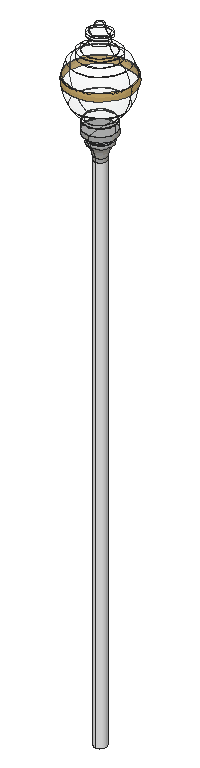
Revit family "AE21", category Lighting Fixtures, Revit 2014
Parameters (values of type "2A24-F13")
  Wattage Comments = "65 W"  # constant formula
  Wattage = 9.2903 W
  built-in parameter 1150110 = 1 (stored number, unit not read)
  Voltage = 120 V
  URL = "https://www.hubbell.com/hubbelllightingci/en"
  Type Comments = "Lighting Fixture"  # constant formula
  built-in parameter 1114217 = 1 (stored number, unit not read)
  Tilt Angle = 60.00°
  built-in parameter 1150109 = 1 (stored number, unit not read)
  built-in parameter 1150134 = 3
  built-in parameter 1150113 = 1 (stored number, unit not read)
  Style [instance] = Fixture : BB
  Series = "Acorns"  # constant formula
  Revision Date = "08/29/2019"  # constant formula
  Product Page URL = "https://www.hubbell.com/hubbelllightingci/en/Products/Lighting-Controls/Commercial-Outdoor-Lighting/Decorative-Post-Top/Acorns/p/249031"
  Product Documentation Link = "https://hubbellcdn.com/specsheet/Acorns_spec_sheet_redesign.pdf"
  Power Factor = 1  # constant formula
  Pole Height = Mount Height - 15 1/8"  # 134 7/8"
  Pole Finish = Metal-Lighting-Aluminum Alloy
  Photometric Web File = "generic"
  Photometric Notes = "More IES files download on Photometric Web Link"  # constant formula
  OmniClass Title = "Street and Roadway Lighting"  # constant formula
  OmniClass Number = "23-80 70 14 21"  # constant formula
  Number of Poles = 1
  built-in parameter 1150142 = (empty or 0)
  Model = "Acorns"
  MasterFormat Title = "Parking Lighting, Roadway Lighting, Site Lighting"  # constant formula
  Manufacturer = "Beacon"  # constant formula
  built-in parameter 1150105 = 109.82 (stored number, unit not read)
  Lumens = 1380 lm
  built-in parameter 1150115 = 1 (stored number, unit not read)
  Load Classification = Lighting
  built-in parameter 1150137 = (empty or 0)
  built-in parameter 1150139 = (empty or 0)
  built-in parameter 1150112 = 1 (stored number, unit not read)
  built-in parameter 1150114 = 1 (stored number, unit not read)
  Lamp = "LED Array"  # constant formula
  Inside Material = Metal-Kim Lighting-Aluminum-Reflective
  built-in parameter 1150132 = (empty or 0)
  built-in parameter 1150102 = (empty or 0)
  built-in parameter 1150107 = 3200 (stored number, unit not read)
  built-in parameter 1150138 = (empty or 0)
  built-in parameter 1150106 = 1.0982 (stored number, unit not read)
  Housing Material = Metal-Kim Lighting-Aluminum Alloy
  Mount Height = 150"
  Glass Material = Glass-Kim Lighting-Clear
  Fitter = Base : F13
  Finish = "All colors shall be a Super TGIC powder coat paint. Optional white (WH) and custom colors available."
  Emit from Circle Diameter = 24"
  Emit Shape Visible in Rendering = no
  built-in parameter 1150104 = 13.8 (stored number, unit not read)
  Dimming Lamp Color Temperature Shift = <None>
  Description = "Site/Roadway Luminaire"  # constant formula
  Color Filter = 16777215
  Base of Fixture = 7 1/2"
  Base Height = Mount Height - Base of Fixture  # 142 1/2"
  built-in parameter 1114218 = 1 (stored number, unit not read)
  built-in parameter 1150133 = 10 (stored number, unit not read)
  Assembly Code = "D5020200"
  Apparent Load = 65 VA
Types (6): name | Style | Pole Height | Pole Finish | Mount Height | Fitter | Base of Fixture | Base Height
  (no name) | Fixture : BB | 134 7/8" | Metal-Lighting-Aluminum Alloy | 150" | Base : F13 | 7 1/2" | 142 1/2"
  2A24-H1 | Fixture : FIN | 176 7/8" | Metal-Kim Lighting-Aluminum Alloy | 192" | Base : H1 | 10" | 182"
  2A24-H2 | Fixture : FIN | 176 7/8" | Metal-Kim Lighting-Aluminum Alloy | 192" | Base : H2 | 14" | 178"
  2A24-H3 | Fixture : FIN | 176 7/8" | Metal-Kim Lighting-Aluminum Alloy | 192" | Base : H3 | 10" | 182"
  2A24-F13 | Fixture : BB | 134 7/8" | Metal-Lighting-Aluminum Alloy | 150" | Base : F13 | 7 1/2" | 142 1/2"
  2A24-F21 | Fixture : FIN | 176 7/8" | Metal-Kim Lighting-Aluminum Alloy | 192" | Base : F21 | 12" | 180"
Reference planes (in)
  plane 1 "Center (Front/Back)": y = 0
  plane 2: z = 0
  plane 3 "Center (Left/Right)": x = -1.40174
  plane 4: z = 210.875
  plane 5: x = -9.70252
  plane 6: x = 6.89904
  plane 7: z = 150
  plane 8: z = 142.5
Forms (in)
  Revolve 1, solid, material "Glass-Kim Lighting-Clear" <- "Glass Material", not visible
    sketch origin (-3.5, 0, -1) x (1, 0, 0) y (0, 0, 1)
      loop
        line (-0.97818, 216.8437) -> (-0.97818, 190.8437) -> (3.15753, 190.8437) -> (3.15753, 192.8437) -> (2.90753, 192.8437) -> (2.68816, 193.44641)
        arc (2.68816, 193.44641) -> (4.39237, 194.97743) -> (5.77182, 196.8065) r 11.90634
        arc (5.77182, 196.8065) -> (7.3518, 201.9309) -> (6.27383, 207.18388) r 10.80619
        arc (6.27383, 207.18388) -> (5.37519, 207.87738) -> (4.32528, 208.30888) r 4.25913
        line (4.32528, 208.30888) -> (4.32528, 209.80888) -> (3.08575, 209.80888)
        arc (3.08575, 209.80888) -> (2.16643, 210.77138) -> (1.54916, 211.95057) r 4.7655
        arc (1.54916, 211.95057) -> (1.41438, 212.93078) -> (2.1477, 213.59503) r 1.05972
        line (2.1477, 213.59503) -> (2.1477, 214.34503) -> (1.3977, 214.34503)
        arc (1.3977, 214.34503) -> (0.66258, 215.05107) -> (0.25054, 215.98334) r 2.63401
        arc (0.25054, 215.98334) -> (-0.19734, 216.65127) -> (-0.97818, 216.8437) r 1.11414
      axis (-0.97818, 190.8437) -> (-0.97818, 216.8437)
    angle from 0 to 360
  Extrusion 2, solid, material "Metal-Lighting-Aluminum Alloy" <- "Pole Finish"
    sketch origin (4.8439, 0, 185.1894) x (0, 1, 0) y (-1, 0, 0)
      loop
        circle (0, 6.24564) r 1.5
    from -185.1894 to -42.6894
Dimensions and locks (in)
  "Mount Height": plane 7 to plane 2
  "Base Height": plane 8 to plane 2
  aligned and locked: plane 1 "Center (Front/Back)" to nested 1
  aligned and locked: Extrusion 2 to plane 2
  aligned and locked: plane 8 to Extrusion 2
  aligned and locked: plane 3 "Center (Left/Right)" to nested 2
  aligned and locked: nested 2 to plane 1 "Center (Front/Back)"
  aligned and locked: plane 7 to imposter light
  aligned and locked: plane 7 to nested 1
Automatic sketch dimensions
  plane 1 "Center (Front/Back)" to Extrusion 2 sketch curve = 0"
  Extrusion 2 sketch curve to plane 3 "Center (Left/Right)" = 0"
  radius of Extrusion 2 sketch curve = 1 1/2"
Nested families (in)
  nested 1: "Fixture" at (-1.40174, 0, 150), type <- "Style", type "BB"
  nested 2: "Base" at (-1.36175, -0.00649, 142.5) x (0, 1, 0) z (0, 0, 1), type <- "Fitter", type "F13"
    with Finish Paint - Hubbell - White Texture
Connectors (in)
  electrical at (-1.40174, 0, 0)
    settings: on Extrusion 2, index 1, voltage 120 V, apparent load 65 VA, apparent load phase1 65 VA, apparent load phase2 0 VA, apparent load phase3 0 VA, power factor 1, load classification "Other", number of poles 1, system type 30, power factor state 1, is connector primary yes, connector utility no, sub classification motor no, connector description "Lighting Connector"
Definition of nested family "Fixture"
  Parameters (values of type "FIN")
    H1-Vertical = yes
    H1 = yes
    Glass Material = Glass-Kim Lighting-Clear
    Finish = Metal-Hubbell-Galvanized_Steel
    Brass = none
    BB = no
  Types (3): name | H1-Vertical | H1 | Brass | BB
    FIN | yes | yes | none | no
    BB | no | no | Metal-Hubbell-Brass | yes
    Family1 | yes | yes | none | no
  Reference planes (in)
    plane 1 "Center (Front/Back)": y = 0
    plane 2: z = 0
    plane 3 "Center (Left/Right)": x = 0
  Forms (in)
    Revolve 1, solid, material "Glass-Kim Lighting-Clear" <- "Glass Material"
      sketch origin (0.97818, 0, -190.8437) x (1, 0, 0) y (0, 0, 1)
        loop
          line (-0.97818, 216.8437) -> (-0.97818, 190.8437) -> (3.15753, 190.8437) -> (3.15753, 192.8437) -> (2.90753, 192.8437) -> (2.68816, 193.44641)
          arc (2.68816, 193.44641) -> (4.39237, 194.97743) -> (5.77182, 196.8065) r 11.90634
          arc (5.77182, 196.8065) -> (7.3518, 201.9309) -> (6.27383, 207.18388) r 10.80619
          arc (6.27383, 207.18388) -> (5.37519, 207.87738) -> (4.32528, 208.30888) r 4.25913
          line (4.32528, 208.30888) -> (4.32528, 209.80888) -> (3.08575, 209.80888)
          arc (3.08575, 209.80888) -> (2.16643, 210.77138) -> (1.54916, 211.95057) r 4.7655
          arc (1.54916, 211.95057) -> (1.41438, 212.93078) -> (2.1477, 213.59503) r 1.05972
          line (2.1477, 213.59503) -> (2.1477, 214.34503) -> (1.3977, 214.34503)
          arc (1.3977, 214.34503) -> (0.66258, 215.05107) -> (0.25054, 215.98334) r 2.63401
          arc (0.25054, 215.98334) -> (-0.19734, 216.65127) -> (-0.97818, 216.8437) r 1.11414
        axis (-0.97818, 190.8437) -> (-0.97818, 216.8437)
      angle from 0 to 360
    Revolve 2, solid, material "Metal-Hubbell-Galvanized_Steel" <- "Finish", visible <- "H1"
      sketch origin (0, 0, 0) x (1, 0, 0) y (0, 0, 1)
        loop
          arc (7.94246, 14.08387) -> (8.31008, 12.35935) -> (8.2475, 10.59719) r 7.19971
          line (8.2475, 10.59719) -> (8.41587, 10.59719)
          arc (8.41587, 10.59719) -> (8.47743, 12.35906) -> (8.11272, 14.08387) r 7.26351
          line (8.11272, 14.08387) -> (7.94246, 14.08387)
        axis (0, 14.08387) -> (0, 10.59719)
      angle from 0 to 360
    Extrusion 3, solid, material "Metal-Hubbell-Galvanized_Steel" <- "Finish", visible <- "H1-Vertical"
      sketch origin (0, 0, 0) x (1, 0, 0) y (0, 0, 1)
        loop
          arc (8.10332, 14.12517) -> (7.64542, 7.68599) -> (3.66634, 2.60271) r 11.04437
          arc (3.66634, 2.60271) -> (3.83128, 2.57268) -> (3.99622, 2.60271) r 0.46807
          arc (3.99622, 2.60271) -> (7.88761, 7.71407) -> (8.2959, 14.12517) r 11.10065
          line (8.2959, 14.12517) -> (8.10332, 14.12517)
      from -1.69181 to 1.46345
    Extrusion 4, void
      sketch origin (0, 0, 0) x (0, 1, 0) y (0, 0, 1)
        loop
          arc (-0.25652, 3.08004) -> (-0.21766, 2.92704) -> (-0.12768, 2.79733) r 0.44358
          line (-0.12768, 2.79733) -> (0.00444, 2.66521) -> (0.1338, 2.79457)
          arc (0.1338, 2.79457) -> (0.21857, 2.91677) -> (0.25518, 3.06092) r 0.41789
          line (0.25518, 3.06092) -> (0.74304, 10.03756)
          arc (0.74304, 10.03756) -> (0.00084, 10.53469) -> (-0.74324, 10.04039) r 0.80489
          line (-0.74324, 10.04039) -> (-0.25652, 3.08004)
      from 3.66634 to 12
    Extrusion 5, solid, material "Metal-Hubbell-Galvanized_Steel" <- "Finish", visible <- "H1-Vertical"
      sketch origin (0, 0, 0) x (-1, 0, 0) y (0, 0, 1)
        loop
          arc (8.10332, 14.12517) -> (7.64542, 7.68599) -> (3.66634, 2.60271) r 11.04437
          arc (3.66634, 2.60271) -> (3.83128, 2.57268) -> (3.99622, 2.60271) r 0.46807
          arc (3.99622, 2.60271) -> (7.88761, 7.71407) -> (8.2959, 14.12517) r 11.10065
          line (8.2959, 14.12517) -> (8.10332, 14.12517)
      from -1.69181 to 1.46345
    Extrusion 6, void
      sketch origin (0, 0, 0) x (0, -1, 0) y (0, 0, 1)
        loop
          arc (-0.25652, 3.08004) -> (-0.21766, 2.92704) -> (-0.12768, 2.79733) r 0.44358
          line (-0.12768, 2.79733) -> (0.00444, 2.66521) -> (0.1338, 2.79457)
          arc (0.1338, 2.79457) -> (0.21857, 2.91677) -> (0.25518, 3.06092) r 0.41789
          line (0.25518, 3.06092) -> (0.74304, 10.03756)
          arc (0.74304, 10.03756) -> (0.00084, 10.53469) -> (-0.74324, 10.04039) r 0.80489
          line (-0.74324, 10.04039) -> (-0.25652, 3.08004)
      from 3.66634 to 12
    Extrusion 7, solid, material "Metal-Hubbell-Galvanized_Steel" <- "Finish", visible <- "H1-Vertical"
      sketch origin (0, 0, 0) x (0, 1, 0) y (0, 0, 1)
        loop
          arc (8.10332, 14.12517) -> (7.64542, 7.68599) -> (3.66634, 2.60271) r 11.04437
          arc (3.66634, 2.60271) -> (3.83128, 2.57268) -> (3.99622, 2.60271) r 0.46807
          arc (3.99622, 2.60271) -> (7.88761, 7.71407) -> (8.2959, 14.12517) r 11.10065
          line (8.2959, 14.12517) -> (8.10332, 14.12517)
      from -1.69181 to 1.46345
    Extrusion 8, void
      sketch origin (0, 0, 0) x (-1, 0, 0) y (0, 0, 1)
        loop
          arc (-0.25652, 3.08004) -> (-0.21766, 2.92704) -> (-0.12768, 2.79733) r 0.44358
          line (-0.12768, 2.79733) -> (0.00444, 2.66521) -> (0.1338, 2.79457)
          arc (0.1338, 2.79457) -> (0.21857, 2.91677) -> (0.25518, 3.06092) r 0.41789
          line (0.25518, 3.06092) -> (0.74304, 10.03756)
          arc (0.74304, 10.03756) -> (0.00084, 10.53469) -> (-0.74324, 10.04039) r 0.80489
          line (-0.74324, 10.04039) -> (-0.25652, 3.08004)
      from 3.66634 to 12
    Revolve 9, solid, material <- "Brass", visible <- "BB"
      sketch origin (0, 0, 0) x (1, 0, 0) y (0, 0, 1)
        loop
          arc (8.29795, 13.0236) -> (8.38436, 12.1027) -> (8.29809, 11.18178) r 4.95482
          arc (8.29809, 11.18178) -> (8.38967, 11.15511) -> (8.48125, 11.18178) r 0.17056
          arc (8.48125, 11.18178) -> (8.56726, 12.10269) -> (8.48125, 13.0236) r 4.97336
          arc (8.48125, 13.0236) -> (8.3896, 13.04368) -> (8.29795, 13.0236) r 0.21911
        axis (0, 13.0236) -> (0, 11.18178)
      angle from 0 to 360
    Extrusion 10, solid, material "Metal-Hubbell-Galvanized_Steel" <- "Finish", visible <- "H1"
      sketch origin (0, 0, 0) x (0, -1, 0) y (0, 0, -1)
        loop
          line (8.10332, -14.12517) -> (8.2959, -14.12517)
          arc (8.2959, -14.12517) -> (7.88761, -7.71407) -> (3.99622, -2.60271) r 11.10065
          arc (3.99622, -2.60271) -> (3.83128, -2.57268) -> (3.66634, -2.60271) r 0.46807
          arc (3.66634, -2.60271) -> (7.64542, -7.68599) -> (8.10332, -14.12517) r 11.04437
      from -1.69181 to 1.46345
    Extrusion 11, void
      sketch origin (0, 0, 0) x (1, 0, 0) y (0, 0, 1)
        loop
          arc (-0.25652, 3.08004) -> (-0.21766, 2.92704) -> (-0.12768, 2.79733) r 0.44358
          line (-0.12768, 2.79733) -> (0.00444, 2.66521) -> (0.1338, 2.79457)
          arc (0.1338, 2.79457) -> (0.21857, 2.91677) -> (0.25518, 3.06092) r 0.41789
          line (0.25518, 3.06092) -> (0.74304, 10.03756)
          arc (0.74304, 10.03756) -> (0.00084, 10.53469) -> (-0.74324, 10.04039) r 0.80489
          line (-0.74324, 10.04039) -> (-0.25652, 3.08004)
      from 3.66634 to 12
  Cuts and joins
    Extrusion 4 cuts Extrusion 3
    Extrusion 6, Extrusion 11 cuts Extrusion 5
    Extrusion 8 cuts Extrusion 7
    Extrusion 11 cuts Extrusion 10
  Dimensions and locks (in)
    aligned and locked: plane 2 to level
Definition of nested family "Base"
  Parameters (values of type "F13")
    Wattage Comments = "55 W"
    Voltage = 120 V
    URL = ""
    Model = "Tivoli"  # constant formula
    Manufacturer Phone = "(800)-345-4928"  # constant formula
    Manufacturer Fax = "(941)-751-5535"  # constant formula
    Manufacturer = "Beacon Lighting"  # constant formula
    Light Bulb Material = Hubbell - Glass
    Lamp = "LED Lamp"
    H3 = no
    H2 = no
    H1 = no
    Finish [instance] = Paint - Hubbell - White Texture
    F21 = no
    F13 = yes
    Description = "OpenÊorÊlensedÊbottomÊavailableÊwhenÊconfiguredÊpendantÊoption,ÊconsultÊ\r\nfactory"  # constant formula
    Default Elevation = 48"
    Apparent Load = 0 VA
  Types (5): name | H3 | H2 | H1 | F21 | F13
    H1 | no | no | yes | no | no
    H2 | no | yes | no | no | no
    H3 | yes | no | no | no | no
    F13 | no | no | no | no | yes
    F21 | no | no | no | yes | no
  Reference planes (in)
    plane 1 "Center (Front/Back)": y = 0.03999
    plane 2: z = 0
    plane 3 "Center (Left/Right)": x = 0.00649
    plane 4: x = -8.74351
    plane 5: x = 8.75649
    plane 6: z = 10
    plane 7: y = 4.03999
    plane 8: y = -3.96001
    plane 9: z = 14
    plane 10: z = 7.5
    plane 11: z = 12
  Forms (in)
    Extrusion 1, solid
      sketch origin (0, 0, 0.06357) x (1, 0, 0) y (0, 1, 0)
        loop
          line (-48, 48) -> (-48, -48) -> (48, -48) -> (48, 48) -> (-48, 48)
      from -0.06357 to -17.74365
    Revolve 2, solid, material "Paint - Hubbell - White Texture" <- "Finish", visible <- "H1"
      sketch origin (0, 0.03999, 0) x (1, 0, 0) y (0, 0, 1)
        loop
          line (0.00649, 10) -> (0.00649, 0) -> (1.82944, 0) -> (1.82944, 0.22987) -> (1.82944, 0.7938)
          arc (1.82944, 0.7938) -> (1.92716, 0.88172) -> (1.95444, 1.0103) r 0.21247
          arc (1.95444, 1.0103) -> (1.86394, 1.25213) -> (1.66765, 1.41988) r 0.51627
          arc (1.66765, 1.41988) -> (2.31047, 3.46959) -> (3.53391, 5.2353) r 7.13917
          line (3.53391, 5.2353) -> (3.7867, 5.67315) -> (3.59219, 5.95095) -> (3.59219, 6.33484)
          arc (3.59219, 6.33484) -> (3.76195, 6.74467) -> (4.17179, 6.91443) r 0.5796
          line (4.17179, 6.91443) -> (4.17179, 7.09463) -> (4.67179, 7.09463) -> (4.67179, 7.25108) -> (4.92179, 7.25108)
          arc (4.92179, 7.25108) -> (5.09838, 7.3663) -> (5.2136, 7.54289) r 0.51227
          arc (5.2136, 7.54289) -> (4.81749, 7.8539) -> (4.50649, 8.25) r 2.10742
          line (4.50649, 8.25) -> (4.50649, 10) -> (0.00649, 10)
        axis (0.00649, 10) -> (0.00649, 0)
      angle from 0 to 360
    Revolve 3, solid, material "Paint - Hubbell - White Texture" <- "Finish", visible <- "H2"
      sketch origin (0, 0.03999, 0) x (1, 0, 0) y (0, 0, 1)
        loop
          line (0.00649, 14) -> (0.00649, 0) -> (1.82944, 0) -> (1.89573, 2.57689)
          arc (1.89573, 2.57689) -> (2.30994, 3.57689) -> (3.30994, 3.9911) r 1.41421
          arc (3.30994, 3.9911) -> (3.09492, 4.71837) -> (2.67601, 5.35056) r 2.55674
          arc (2.67601, 5.35056) -> (4.31409, 7.11864) -> (5.26305, 9.33425) r 7.07007
          line (5.26305, 9.33425) -> (5.26305, 10.65402) -> (6.08929, 10.65402)
          arc (6.08929, 10.65402) -> (5.66839, 11.23125) -> (5.00649, 11.5) r 1.30368
          line (5.00649, 11.5) -> (5.00649, 12.5) -> (4.75649, 12.5) -> (4.75649, 14) -> (0.00649, 14)
        axis (0.00649, 14) -> (0.00649, 0)
      angle from 0 to 360
    Revolve 4, solid, material "Paint - Hubbell - White Texture" <- "Finish", visible <- "H3"
      sketch origin (0, 0.03999, 0) x (1, 0, 0) y (0, 0, 1)
        loop
          line (0.00649, 0) -> (2.00649, 0)
          arc (2.00649, 0) -> (2.18047, 0.10259) -> (2.17491, 0.30449) r 0.19882
          arc (2.17491, 0.30449) -> (2.15921, 0.37344) -> (2.1899, 0.43715) r 0.1071
          line (2.1899, 0.43715) -> (2.37081, 0.61806)
          arc (2.37081, 0.61806) -> (2.42854, 0.70445) -> (2.44881, 0.80637) r 0.26631
          line (2.44881, 0.80637) -> (2.44881, 1.19606)
          arc (2.44881, 1.19606) -> (2.57381, 1.32106) -> (2.44881, 1.44606) r 0.125
          line (2.44881, 1.44606) -> (2.44881, 2.19606) -> (2.69881, 2.19606) -> (2.78761, 3.211)
          arc (2.78761, 3.211) -> (2.81185, 3.30147) -> (2.86558, 3.3782) r 0.26971
          line (2.86558, 3.3782) -> (2.9547, 3.46732)
          arc (2.9547, 3.46732) -> (3.17071, 3.61166) -> (3.42551, 3.66234) r 0.66583
          line (3.42551, 3.66234) -> (3.53121, 3.66234) -> (3.94378, 6.59794)
          arc (3.94378, 6.59794) -> (4.00301, 6.78871) -> (4.11972, 6.95082) r 0.62133
          line (4.11972, 6.95082) -> (4.3566, 7.1877)
          arc (4.3566, 7.1877) -> (4.51881, 7.29608) -> (4.71015, 7.33414) r 0.5
          line (4.71015, 7.33414) -> (5.00304, 7.33414)
          arc (5.00304, 7.33414) -> (5.11685, 7.55877) -> (5.17405, 7.80399) r 1.05268
          arc (5.17405, 7.80399) -> (4.8968, 8.11483) -> (4.76623, 8.51036) r 1.02428
          line (4.76623, 8.51036) -> (4.76623, 10) -> (0.00649, 10) -> (0.00649, 0)
        axis (0.00649, 10) -> (0.00649, 0)
      angle from 0 to 360
    Revolve 5, solid, material "Paint - Hubbell - White Texture" <- "Finish", visible <- "F13"
      sketch origin (0, 0.03999, 0) x (1, 0, 0) y (0, 0, 1)
        loop
          line (0.00649, 0) -> (1.59778, 0) -> (1.59778, 1)
          arc (1.59778, 1) -> (2.14041, 2.68759) -> (3.18675, 4.11852) r 5.55864
          arc (3.18675, 4.11852) -> (3.20337, 4.45849) -> (3.01899, 4.7446) r 0.55676
          arc (3.01899, 4.7446) -> (2.90525, 4.80306) -> (2.77751, 4.8093) r 0.30256
          arc (2.77751, 4.8093) -> (2.69721, 4.96151) -> (2.60554, 5.10716) r 2.25429
          arc (2.60554, 5.10716) -> (2.73094, 5.32454) -> (2.89233, 5.51673) r 1.4336
          line (2.89233, 5.51673) -> (3.30201, 5.51673) -> (3.30201, 6.26673) -> (4.05201, 6.26673) -> (4.05201, 7.5) -> (0.00649, 7.5) -> (0.00649, 0)
        axis (0.00649, 7.5) -> (0.00649, 0)
      angle from 0 to 360
    Revolve 6, solid, material "Paint - Hubbell - White Texture" <- "Finish", visible <- "F21"
      sketch origin (0, 0.03999, 0) x (1, 0, 0) y (0, 0, 1)
        loop
          line (0.00649, 0) -> (1.82944, 0) -> (1.82944, 0.5) -> (2.01395, 0.5)
          arc (2.01395, 0.5) -> (2.33565, 1) -> (2.01395, 1.5) r 0.54941
          arc (2.01395, 1.5) -> (2.00008, 2) -> (2.01395, 2.5) r 9.01515
          arc (2.01395, 2.5) -> (2.50647, 4.53742) -> (3.69101, 6.26673) r 5.80008
          arc (3.69101, 6.26673) -> (3.68129, 6.44129) -> (3.69101, 6.61585) r 1.57186
          arc (3.69101, 6.61585) -> (4.09365, 6.96811) -> (3.7787, 7.40055) r 0.39637
          arc (3.7787, 7.40055) -> (4.0497, 8.45625) -> (4.82846, 9.21879) r 2.02616
          arc (4.82846, 9.21879) -> (4.82572, 9.31897) -> (4.82846, 9.41914) r 1.83441
          arc (4.82846, 9.41914) -> (5.31205, 9.67948) -> (5.75803, 10) r 4.25028
          arc (5.75803, 10) -> (5.73049, 10.125) -> (5.75803, 10.25) r 0.29741
          arc (5.75803, 10.25) -> (5.22151, 10.38772) -> (4.76949, 10.70788) r 1.52601
          arc (4.76949, 10.70788) -> (4.75902, 10.99955) -> (4.76949, 11.29121) r 4.06587
          arc (4.76949, 11.29121) -> (5.03297, 11.6456) -> (4.76949, 12) r 0.37008
          line (4.76949, 12) -> (4.67434, 12) -> (4.67434, 12.07179) -> (0.00649, 12.07179) -> (0.00649, 0)
        axis (0.00649, 12.07179) -> (0.00649, 0)
      angle from 0 to 360
  Dimensions and locks (in)
    Extrusion 1 sketch curve to plane 1 "Center (Front/Back)" to Extrusion 1 sketch curve = 48.03999", 47.96001"
    Extrusion 1 sketch curve to plane 3 "Center (Left/Right)" to Extrusion 1 sketch curve = 48.00649", 47.99351"
    equal spacing: plane 4, plane 3 "Center (Left/Right)", plane 5
    plane 4 to plane 5 = 17 1/2"
    locked: plane 4 to plane 3 "Center (Left/Right)" at 8.75
    equal spacing: plane 7, plane 1 "Center (Front/Back)", plane 8
    locked: plane 7 to plane 1 "Center (Front/Back)" at 4
    aligned and locked: plane 2 to Extrusion 1
    aligned and locked: level to Extrusion 1
  Automatic sketch dimensions
    Revolve 2 sketch curve to plane 3 "Center (Left/Right)" = 0"  (x2)
    Revolve 2 sketch curve to level = 0"
    Revolve 2 sketch curve to plane 6 = 0"
    level to Revolve 2 sketch curve = 0.95601"
    plane 3 "Center (Left/Right)" to Revolve 2 sketch curve = 1.43455"
    Revolve 2 sketch curve to Revolve 2 sketch curve = 0.30211"
    Revolve 2 sketch curve to Revolve 2 sketch curve = 0.08629"
    plane 3 "Center (Left/Right)" to Revolve 2 sketch curve = 3.52742"
    Revolve 2 sketch curve to Revolve 2 sketch curve = 0.05828"
    Revolve 2 sketch curve to Revolve 2 sketch curve = 0.19451"
    Revolve 2 sketch curve to Revolve 2 sketch curve = 0.5796"
    Revolve 2 sketch curve to Revolve 2 sketch curve = 0.3347"
    Revolve 2 sketch curve to Revolve 2 sketch curve = 1/2"
    Revolve 2 sketch curve to Revolve 2 sketch curve = 0.06436"
    Revolve 2 sketch curve to Revolve 2 sketch curve = 1/4"
    Revolve 2 sketch curve to plane 6 = 0.65593"
    Revolve 2 sketch curve to Revolve 2 sketch curve = 1.80117"
    Revolve 2 sketch curve to plane 5 = 0.03292"
    Revolve 2 sketch curve to Revolve 2 sketch curve = 0.22987"
    level to Revolve 2 sketch curve = 0.33273"
    Revolve 2 sketch curve to Revolve 2 sketch curve = 0.16221"
    Revolve 2 sketch curve to Revolve 2 sketch curve = 0.19416"
    Revolve 2 sketch curve to Revolve 2 sketch curve = 4.225"
    Revolve 2 sketch curve to Revolve 2 sketch curve = 0.43785"
    Revolve 2 sketch curve to Revolve 2 sketch curve = 0.2778"
    Revolve 2 sketch curve to Revolve 2 sketch curve = 0.38389"
    Revolve 2 sketch curve to Revolve 2 sketch curve = 0.18019"
    Revolve 2 sketch curve to Revolve 2 sketch curve = 0.15646"
    Revolve 2 sketch curve to Revolve 2 sketch curve = 0.47745"
    Revolve 2 sketch curve to Revolve 2 sketch curve = 0.52147"
    Revolve 2 sketch curve to Revolve 2 sketch curve = 0.07549"
    Revolve 2 sketch curve to level = 1 3/4"
    Revolve 2 sketch curve to Revolve 2 sketch curve = 1 1/4"
    Revolve 3 sketch curve to plane 3 "Center (Left/Right)" = 0"  (x2)
    Revolve 3 sketch curve to level = 0"
    Revolve 3 sketch curve to plane 9 = 0"
    Revolve 3 sketch curve to plane 3 "Center (Left/Right)" = 1.62185"
    plane 3 "Center (Left/Right)" to Revolve 3 sketch curve = 0.77123"
    Revolve 3 sketch curve to Revolve 3 sketch curve = 1.82295"
    Revolve 3 sketch curve to Revolve 3 sketch curve = 1.118"
    Revolve 3 sketch curve to Revolve 3 sketch curve = 1.41421"
    Revolve 3 sketch curve to plane 9 = 1 1/2"
    Revolve 3 sketch curve to plane 5 = 4"
    plane 6 to Revolve 3 sketch curve = 0.20393"
    Revolve 3 sketch curve to Revolve 3 sketch curve = 0.10928"
    Revolve 3 sketch curve to Revolve 3 sketch curve = 1/4"
    Revolve 3 sketch curve to Revolve 3 sketch curve = 0.39728"
    Revolve 3 sketch curve to Revolve 3 sketch curve = 0.82624"
    level to Revolve 3 sketch curve = 2.57689"
    Revolve 3 sketch curve to Revolve 3 sketch curve = 1.06096"
    Revolve 3 sketch curve to plane 6 = 0.66575"
    Revolve 3 sketch curve to Revolve 3 sketch curve = 0.45009"
    plane 6 to Revolve 3 sketch curve = 0.96927"
    Revolve 3 sketch curve to level = 24"
    Revolve 3 sketch curve to Revolve 3 sketch curve = 88.71882"
    Revolve 4 sketch curve to plane 3 "Center (Left/Right)" = 0"  (x2)
    Revolve 4 sketch curve to level = 0"
    Revolve 4 sketch curve to plane 6 = 0"
    Revolve 4 sketch curve to Revolve 4 sketch curve = 2"
    Revolve 4 sketch curve to Revolve 4 sketch curve = 0.17602"
    level to Revolve 4 sketch curve = 0.43715"
    Revolve 4 sketch curve to Revolve 4 sketch curve = 0.18341"
    Revolve 4 sketch curve to Revolve 4 sketch curve = 0.07573"  (x2)
    level to Revolve 4 sketch curve = 0.61806"
    Revolve 4 sketch curve to Revolve 4 sketch curve = 0.18091"
    Revolve 4 sketch curve to Revolve 4 sketch curve = 0.26631"
    Revolve 4 sketch curve to Revolve 4 sketch curve = 1/4"
    Revolve 4 sketch curve to Revolve 4 sketch curve = 0.0888"
    Revolve 4 sketch curve to Revolve 4 sketch curve = 0.07797"
    Revolve 4 sketch curve to Revolve 4 sketch curve = 0.08912"  (x2)
    Revolve 4 sketch curve to Revolve 4 sketch curve = 0.26868"
    Revolve 4 sketch curve to Revolve 4 sketch curve = 0.47081"
    Revolve 4 sketch curve to Revolve 4 sketch curve = 0.10569"
    Revolve 4 sketch curve to Revolve 4 sketch curve = 0.41257"
    Revolve 4 sketch curve to plane 6 = 3.04918"
    Revolve 4 sketch curve to Revolve 4 sketch curve = 0.17594"
    Revolve 4 sketch curve to Revolve 4 sketch curve = 0.00793"
    Revolve 4 sketch curve to Revolve 4 sketch curve = 0.23688"  (x2)
    Revolve 4 sketch curve to Revolve 4 sketch curve = 0.43935"  (x2)
    Revolve 4 sketch curve to Revolve 4 sketch curve = 0.15108"
    Revolve 4 sketch curve to Revolve 4 sketch curve = 0.63858"
    Revolve 4 sketch curve to Revolve 4 sketch curve = 0.29289"
    Revolve 4 sketch curve to Revolve 4 sketch curve = 1.01762"
    level to Revolve 4 sketch curve = 0.19882"
    Revolve 4 sketch curve to Revolve 4 sketch curve = 0.38969"
    Revolve 4 sketch curve to Revolve 4 sketch curve = 1/8"
    Revolve 4 sketch curve to Revolve 4 sketch curve = 3/4"
    Revolve 4 sketch curve to Revolve 4 sketch curve = 0.80045"
    Revolve 4 sketch curve to Revolve 4 sketch curve = 0.19098"
    Revolve 4 sketch curve to Revolve 4 sketch curve = 0.02351"
    Revolve 4 sketch curve to Revolve 4 sketch curve = 0.32267"
    Revolve 4 sketch curve to Revolve 4 sketch curve = 0.73111"
    Revolve 4 sketch curve to Revolve 4 sketch curve = 0.59156"
    Revolve 4 sketch curve to Revolve 4 sketch curve = 0.11661"
    Revolve 4 sketch curve to level = 24"
    plane 9 to Revolve 4 sketch curve = 88.71882"
    Revolve 5 sketch curve to plane 3 "Center (Left/Right)" = 0"  (x2)
    plane 3 "Center (Left/Right)" to Revolve 5 sketch curve = 0.73845"
    level to Revolve 5 sketch curve = 1"
    plane 3 "Center (Left/Right)" to Revolve 5 sketch curve = 1.59129"
    Revolve 5 sketch curve to Revolve 5 sketch curve = 1.92064"
    Revolve 5 sketch curve to Revolve 5 sketch curve = 0.16136"
    Revolve 5 sketch curve to Revolve 5 sketch curve = 0.06539"
    Revolve 5 sketch curve to Revolve 5 sketch curve = 0.40968"
    Revolve 5 sketch curve to Revolve 5 sketch curve = 1.07834"
    Revolve 5 sketch curve to Revolve 5 sketch curve = 3/4"  (x2)
    level to Revolve 5 sketch curve = 0.16402"
    Revolve 5 sketch curve to plane 5 = 1.66329"
    Revolve 5 sketch curve to Revolve 5 sketch curve = 2.83437"
    Revolve 5 sketch curve to Revolve 5 sketch curve = 0.48002"
    Revolve 5 sketch curve to Revolve 5 sketch curve = 0.18788"
    Revolve 5 sketch curve to Revolve 5 sketch curve = 0.19642"
    Revolve 5 sketch curve to Revolve 5 sketch curve = 1.00592"
    Revolve 5 sketch curve to Revolve 5 sketch curve = 0.28679"
    Revolve 5 sketch curve to Revolve 5 sketch curve = 0.04943"
    Revolve 5 sketch curve to Revolve 5 sketch curve = 0"
    Revolve 5 sketch curve to level = 24"
    plane 10 to Revolve 5 sketch curve = 0"
    plane 9 to Revolve 5 sketch curve = 88.71882"
    Revolve 5 sketch curve to level = 0"
    Revolve 6 sketch curve to plane 3 "Center (Left/Right)" = 0"  (x2)
    Revolve 6 sketch curve to level = 0"
    Revolve 6 sketch curve to plane 11 = 0"
    Revolve 6 sketch curve to plane 6 = 0"
    plane 3 "Center (Left/Right)" to Revolve 6 sketch curve = 1.77975"
    Revolve 6 sketch curve to Revolve 6 sketch curve = 0.04321"
    Revolve 6 sketch curve to Revolve 6 sketch curve = 0.18451"
    plane 3 "Center (Left/Right)" to Revolve 6 sketch curve = 3.05326"
    plane 10 to Revolve 6 sketch curve = 0.48787"
    plane 3 "Center (Left/Right)" to Revolve 6 sketch curve = 3.69324"
    Revolve 6 sketch curve to plane 11 = 0.3544"
    Revolve 6 sketch curve to Revolve 6 sketch curve = 1.60315"
    Revolve 6 sketch curve to Revolve 6 sketch curve = 0.01144"
    Revolve 6 sketch curve to Revolve 6 sketch curve = 0.09516"
    plane 10 to Revolve 6 sketch curve = 1.05871"
    Revolve 6 sketch curve to Revolve 6 sketch curve = 1.55342"
    plane 10 to Revolve 6 sketch curve = 0.05683"
    Revolve 6 sketch curve to Revolve 6 sketch curve = 0.55126"
    Revolve 6 sketch curve to plane 11 = 0.2276"
    Revolve 6 sketch curve to Revolve 6 sketch curve = 1.09339"
    plane 6 to Revolve 6 sketch curve = 1/8"
    Revolve 6 sketch curve to Revolve 6 sketch curve = 0.16501"
    Revolve 6 sketch curve to Revolve 6 sketch curve = 0.63224"
    Revolve 6 sketch curve to plane 5 = 0.95138"
    plane 5 to Revolve 6 sketch curve = 0.0684"
    plane 5 to Revolve 6 sketch curve = 2.25874"
    level to Revolve 6 sketch curve = 1/2"
    Revolve 6 sketch curve to Revolve 6 sketch curve = 1/2"
    level to Revolve 6 sketch curve = 2"
    level to Revolve 6 sketch curve = 2.17831"
    Revolve 6 sketch curve to plane 6 = 0.68103"
    plane 6 to Revolve 6 sketch curve = 0.99955"
    Revolve 6 sketch curve to Revolve 6 sketch curve = 0.07179"
    Revolve 6 sketch curve to plane 9 = 0.71608"
    Revolve 6 sketch curve to Revolve 6 sketch curve = 0.22772"
    Revolve 6 sketch curve to Revolve 6 sketch curve = 0"  (x4)
    Revolve 6 sketch curve to Revolve 6 sketch curve = 0.00872"
    plane 10 to Revolve 6 sketch curve = 0.09945"
    Revolve 6 sketch curve to Revolve 6 sketch curve = 0.1066"
    Revolve 6 sketch curve to plane 6 = 0.78121"
    Revolve 6 sketch curve to level = 24"
    plane 9 to Revolve 6 sketch curve = 88.71882"
